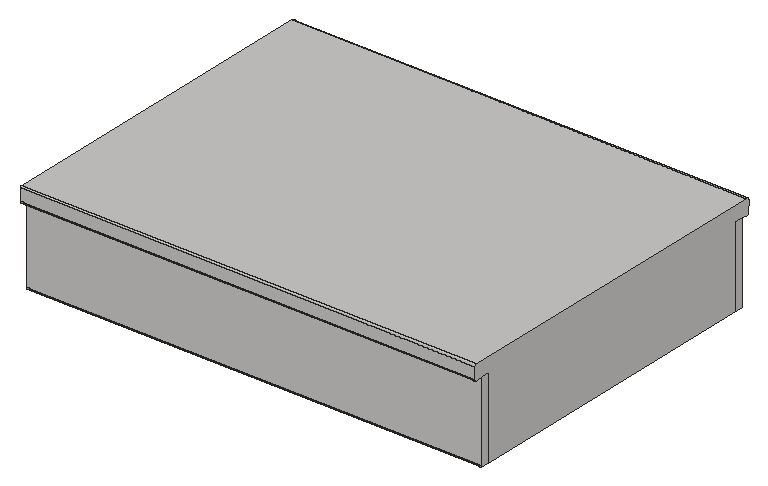
Revit family "QF_ELECTROLUXPROFESSIONAL_589170_MCNABAKOOO", category Specialty Equipment, Revit 2018
Family settings
  Round Connector Dimension = Use Diameter
  Part Type = Normal
  Work Plane-Based = No
  Always vertical = Yes
  Cut with Voids When Loaded = No
  Shared = No
  Room Calculation Point = No
Parameters
  Weight in Pounds = 88.18
  URL Cutsheet = "www.electrolux.com/professional"
  URL = "www.electrolux.com/professional"
  Type Mark [instance] = ""
  Status [instance] = ""
  Specification by User [instance] = ""
  Specification by Manufacturer = ""
  Serial Number = ""
  Seismic Rating = ""
  SMACNA No = ""
  Revision Code [instance] = ""
  Omniclass Number and Title = ""
  NAFEM Spec ID Number = ""
  Model = "589170"
  Masterspec = ""
  Manufacturer = "ELECTROLUX"
  Item Number [instance] = ""
  Installed By [instance] = ""
  Identify Quantity as Lot [instance] = yes
  Furnished By [instance] = ""
  Foodservice Equipment Identifier [instance] = yes
  Direct Waste Size = 0"
  Description = "WORK TOP,CLOSED,1-SIDE,1200X900X250H"
  CSI MasterFormat = ""
  CSI Master Format = ""
Reference planes
  plane 1 "BACK": y = 0
  plane 2: z = 0
  plane 3 "LEFT": x = 0
  plane 4 "RIGHT": x = 1200
  plane 5 "FRONT": y = -900
  plane 6 "TOP": z = 250
  plane 7 "Center Y": x = 600
  plane 8 "Center X": y = -450
Forms (mm)
  Extrusion 1, solid, material "QF_Finishes_Stainless Steel"
    sketch origin (0, 50.048, 0) x (0, 1, 0) y (0, 0, 1)
      loop
        line (-95.048, 213) -> (-71.412, 213) -> (-54.743, 210.061)
        arc (-54.743, 210.061) -> (-51.477, 210.936) -> (-50.048, 214) r 4
        line (-50.048, 214) -> (-50.048, 246)
        arc (-50.048, 246) -> (-51.22, 248.828) -> (-54.048, 250) r 4
        line (-54.048, 250) -> (-946.048, 250)
        arc (-946.048, 250) -> (-948.877, 248.828) -> (-950.048, 246) r 4
        line (-950.048, 246) -> (-950.048, 214)
        arc (-950.048, 214) -> (-948.619, 210.936) -> (-945.353, 210.061) r 4
        line (-945.353, 210.061) -> (-928.509, 213) -> (-905.048, 213) -> (-905.048, 0) -> (-95.048, 0) -> (-95.048, 213)
    from 0 to 1200
  Extrusion 2, solid, material "QF_Finishes_Stainless Steel"
    sketch origin (0, 50.048, 0) x (0, 1, 0) y (0, 0, 1)
      loop
        arc (-928.048, 213) -> (-929.462, 212.414) -> (-930.048, 211) r 2
        line (-930.048, 211) -> (-930.048, 2)
        arc (-930.048, 2) -> (-929.462, 0.586) -> (-928.048, 0) r 2
        line (-928.048, 0) -> (-905.048, 0) -> (-905.048, 213) -> (-928.048, 213)
      loop
        line (-72.048, 213) -> (-95.048, 213) -> (-95.048, 0) -> (-72.048, 0)
        arc (-72.048, 0) -> (-70.634, 0.586) -> (-70.048, 2) r 2
        line (-70.048, 2) -> (-70.048, 211)
        arc (-70.048, 211) -> (-70.634, 212.414) -> (-72.048, 213) r 2
    from 0 to 1200
Lines and regions (mm)
  symbolic lines
    curve 1: line (0, 0, 0) -> (1200, 0, 0)
    curve 2: line (0, -900, 0) -> (0, 0, 0)
    curve 3: line (1200, -900, 0) -> (0, -900, 0)
    curve 4: line (1200, 0, 0) -> (1200, -900, 0)
Dimensions and locks
  equal spacing: plane 3 "LEFT", plane 7 "Center Y", plane 4 "RIGHT"
  plane 3 "LEFT" to plane 4 "RIGHT" = 1200.00 mm
  equal spacing: plane 5 "FRONT", plane 8 "Center X", plane 1 "BACK"
  plane 5 "FRONT" to plane 1 "BACK" = 900.00 mm
  plane 6 "TOP" to level = 250.00 mm
  aligned and locked: level to plane 2
  aligned and locked: Extrusion 1 to plane 4 "RIGHT"
  aligned and locked: Extrusion 2 to plane 4 "RIGHT"
Automatic sketch dimensions
  Extrusion 1 sketch curve to plane 6 "TOP" = 0.00 mm
  Extrusion 1 sketch curve to level = 0.00 mm
  Extrusion 1 sketch curve to plane 6 "TOP" = 36.00 mm
  plane 5 "FRONT" to Extrusion 1 sketch curve = 0.00 mm
  Extrusion 1 sketch curve to plane 6 "TOP" = 39.939 mm
  Extrusion 1 sketch curve to Extrusion 1 sketch curve = 4.00 mm
  Extrusion 1 sketch curve to Extrusion 1 sketch curve = 4.695 mm  (x2)
  Extrusion 1 sketch curve to Extrusion 1 sketch curve = 16.844 mm
  Extrusion 1 sketch curve to plane 5 "FRONT" = 45.00 mm
  plane 1 "BACK" to Extrusion 1 sketch curve = 45.00 mm
  Extrusion 1 sketch curve to Extrusion 1 sketch curve = 23.636 mm
  Extrusion 1 sketch curve to Extrusion 1 sketch curve = 17.364 mm
  Extrusion 1 sketch curve to Extrusion 1 sketch curve = 21.364 mm
  Extrusion 1 sketch curve to Extrusion 1 sketch curve = 0.00 mm  (x2)
  Extrusion 1 sketch curve to Extrusion 1 sketch curve = 0.695 mm
  Extrusion 1 sketch curve to plane 6 "TOP" = 37.00 mm  (x2)
  Extrusion 1 sketch curve to Extrusion 1 sketch curve = 1.00 mm
  Extrusion 2 sketch curve to level = 0.00 mm  (x2)
  level to Extrusion 2 sketch curve = 2.00 mm  (x2)
  Extrusion 2 sketch curve to plane 5 "FRONT" = 20.00 mm
  Extrusion 2 sketch curve to Extrusion 2 sketch curve = 2.00 mm
  Extrusion 2 sketch curve to Extrusion 2 sketch curve = 23.00 mm
  plane 1 "BACK" to Extrusion 2 sketch curve = 45.00 mm
  plane 1 "BACK" to Extrusion 2 sketch curve = 22.00 mm  (x2)
  Extrusion 2 sketch curve to plane 6 "TOP" = 39.00 mm  (x2)
  curve 3 to plane 3 "LEFT" = 0.00 mm
  curve 3 to plane 4 "RIGHT" = 0.00 mm
  plane 1 "BACK" to curve 2 = 0.00 mm
  curve 4 to plane 5 "FRONT" = 0.00 mm
